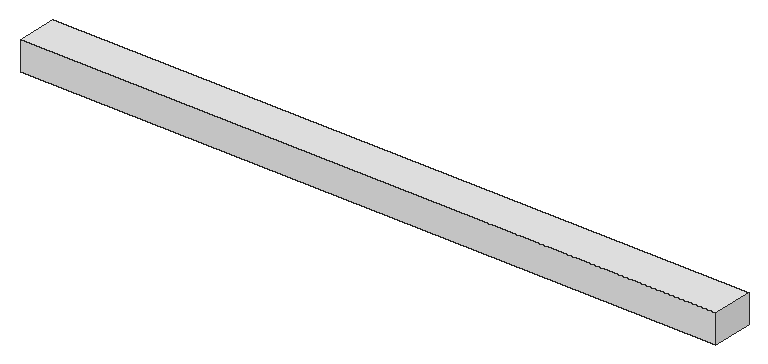
Revit family "Lighting-Surface-Acclaim-Flex Graze HO SC", category Lighting Fixtures, host Face, Revit 2020
Family settings
  Host = Face
  Round Connector Dimension = Use Diameter
  Part Type = Normal
  Cut with Voids When Loaded = No
  Light Source = Yes
  Shared = No
  Room Calculation Point = No
Parameters
  Width = 1.38"
  Wattage = 9.2903 W
  built-in parameter 1150110 = 1 (stored number, unit not read)
  Voltage = 0 V
  URL = "http://www.acclaimlighting.com/"
  built-in parameter 1114217 = 1 (stored number, unit not read)
  Tilt Angle = 90.00°
  built-in parameter 1150109 = 1 (stored number, unit not read)
  built-in parameter 1150134 = 3
  built-in parameter 1150113 = 1 (stored number, unit not read)
  Power Factor = 1
  Photometric Web File = "Load File"
  Number of Poles = 1
  built-in parameter 1150142 = (empty or 0)
  Model = "Flex Graze HO SC"
  Manufacturer = "Acclaim Lighting"
  built-in parameter 1150105 = 109.82 (stored number, unit not read)
  Lumens = 1380 lm
  built-in parameter 1150115 = 1 (stored number, unit not read)
  built-in parameter 1150137 = (empty or 0)
  built-in parameter 1150139 = (empty or 0)
  Length = 24.00"
  built-in parameter 1150112 = 1 (stored number, unit not read)
  built-in parameter 1150114 = 1 (stored number, unit not read)
  Lamp = "LED"
  built-in parameter 1150132 = (empty or 0)
  built-in parameter 1150102 = (empty or 0)
  built-in parameter 1150107 = 3200 (stored number, unit not read)
  built-in parameter 1150138 = (empty or 0)
  built-in parameter 1150106 = 1.0982 (stored number, unit not read)
  Housing Finish = Aluminum
  Height = 0.98"
  Emit from Line Length = Length  # 24.00"
  built-in parameter 1150104 = 13.8 (stored number, unit not read)
  Dimming Lamp Color Temperature Shift = <None>
  Description = "Linear LED Strip"
  Default Elevation = 48.00"
  Color Filter = 16777215
  built-in parameter 1114218 = 1 (stored number, unit not read)
  built-in parameter 1150133 = 10 (stored number, unit not read)
  Apparent Load = 0 VA
Reference planes (in)
  plane 1 "Center (Front/Back)": y = 0
  plane 2: z = 0
  plane 3 "Center (Left/Right)": x = 0
  plane 4: z = 0.98
  plane 5: y = 0.69
  plane 6: y = -0.69
  plane 7: x = -12
  plane 8: x = 12
Forms (in)
  Extrusion 1, solid, material "Aluminum"
    sketch origin (0, 0, 0) x (1, 0, 0) y (0, 1, 0)
      loop
        line (-12, 0.69) -> (-12, -0.69) -> (12, -0.69) -> (12, 0.69) -> (-12, 0.69)
    from 0 to 0.98
Dimensions and locks (in)
  equal spacing: plane 5, plane 1 "Center (Front/Back)", plane 6
  "Width": plane 5 to plane 6
  equal spacing: plane 7, plane 3 "Center (Left/Right)", plane 8
  "Length": plane 7 to plane 8
  "Height": plane 4 to host face
  aligned and locked: plane 2 to host face
  aligned and locked: level to host face
  aligned and locked: plane 5 to Extrusion 1 sketch curve
  aligned and locked: plane 7 to Extrusion 1 sketch curve
  aligned and locked: Extrusion 1 sketch curve to plane 6
  aligned and locked: Extrusion 1 sketch curve to plane 8
  aligned and locked: plane 4 to Extrusion 1
  aligned and locked: imposter light to plane 4
Automatic sketch dimensions
  host sketch curve to host sketch curve = 96.00"  (x2)
Connectors (in)
  electrical at (12, 0, 0.49), driven by "Number of Poles", driven by "Voltage", driven by "Apparent Load", driven by "Power Factor"
    settings: on Extrusion 1, index 1, voltage 0 V, apparent load 0 VA, apparent load phase1 0 VA, apparent load phase2 0 VA, apparent load phase3 0 VA, power factor 1, load classification "Other", number of poles 1, system type 31, power factor state 1, is connector primary yes, connector utility no, sub classification motor no, connector description "Power"
